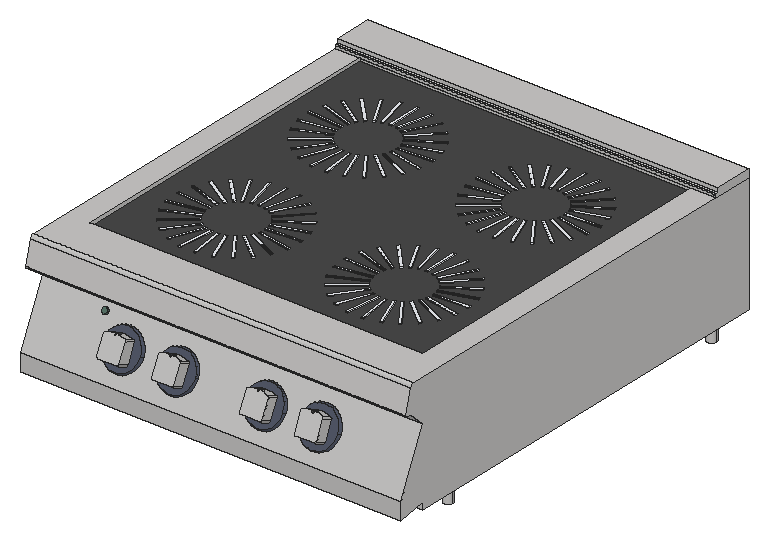
Revit family "QF_ZANUSSI_392045_Z9IREH4000", category Specialty Equipment, Revit 2018 (continued)
Definition of nested family "QF_392045_INDUCTION BURNER"
  Lines and regions (mm)
    symbolic lines
      curve 64: line (155.244, -184.679, 0) -> (150.595, -186.52, 0)
      curve 65: line (163.678, -180.043, 0) -> (206.771, -239.355, 0)
      curve 66: line (206.771, -239.355, 0) -> (210.816, -236.416, 0)
      curve 67: line (210.816, -236.416, 0) -> (167.723, -177.104, 0)
      curve 68: line (167.723, -177.104, 0) -> (163.678, -180.043, 0)
      curve 69: line (174.739, -170.515, 0) -> (231.229, -217.248, 0)
      curve 70: line (231.229, -217.248, 0) -> (234.416, -213.395, 0)
      curve 71: line (234.416, -213.395, 0) -> (177.926, -166.663, 0)
      curve 72: line (177.926, -166.663, 0) -> (174.739, -170.515, 0)
      curve 73: line (183.084, -158.536, 0) -> (249.42, -189.752, 0)
      curve 74: line (249.42, -189.752, 0) -> (251.549, -185.228, 0)
      curve 75: line (251.549, -185.228, 0) -> (185.212, -154.012, 0)
      curve 76: line (185.212, -154.012, 0) -> (183.084, -158.536, 0)
      curve 77: line (188.187, -144.859, 0) -> (260.202, -158.596, 0)
      curve 78: line (260.202, -158.596, 0) -> (261.139, -153.685, 0)
      curve 79: line (261.139, -153.685, 0) -> (189.124, -139.947, 0)
      curve 80: line (189.124, -139.947, 0) -> (188.187, -144.859, 0)
      curve 81: line (189.728, -130.342, 0) -> (262.897, -125.738, 0)
      curve 82: line (262.897, -125.738, 0) -> (262.584, -120.748, 0)
      curve 83: line (262.584, -120.748, 0) -> (189.414, -125.351, 0)
      curve 84: line (189.414, -125.351, 0) -> (189.728, -130.342, 0)
      curve 85: line (187.61, -115.897, 0) -> (257.336, -93.242, 0)
      curve 86: line (257.336, -93.242, 0) -> (255.791, -88.487, 0)
      curve 87: line (255.791, -88.487, 0) -> (186.065, -111.142, 0)
      curve 88: line (186.065, -111.142, 0) -> (187.61, -115.897, 0)
      curve 89: line (181.967, -102.433, 0) -> (243.869, -63.15, 0)
      curve 90: line (243.869, -63.15, 0) -> (241.19, -58.928, 0)
      curve 91: line (241.19, -58.928, 0) -> (179.288, -98.212, 0)
      curve 92: line (179.288, -98.212, 0) -> (181.967, -102.433, 0)
      curve 93: line (173.153, -90.796, 0) -> (223.34, -37.352, 0)
      curve 94: line (223.34, -37.352, 0) -> (219.696, -33.929, 0)
      curve 95: line (219.696, -33.929, 0) -> (169.508, -87.373, 0)
      curve 96: line (169.508, -87.373, 0) -> (173.153, -90.796, 0)
      curve 97: line (161.722, -81.716, 0) -> (197.041, -17.47, 0)
      curve 98: line (197.041, -17.47, 0) -> (192.66, -15.061, 0)
      curve 99: line (192.66, -15.061, 0) -> (157.34, -79.307, 0)
      curve 100: line (157.34, -79.307, 0) -> (161.722, -81.716, 0)
  Dimensions and locks
    equal spacing: plane 3 "LEFT", plane 7 "Center Y", plane 4 "RIGHT"
    plane 3 "LEFT" to plane 4 "RIGHT" = 263 mm
    equal spacing: plane 5 "FRONT", plane 8 "Center X", plane 1 "BACK"
    plane 5 "FRONT" to plane 1 "BACK" = 263 mm
    plane 6 "TOP" to level = 0.794 mm
    aligned and locked: level to plane 2
  Automatic sketch dimensions
    plane 1 "BACK" to curve 1 = 0 mm
    plane 3 "LEFT" to curve 31 = 0.103 mm
    plane 3 "LEFT" to curve 33 = 1.861 mm
    plane 3 "LEFT" to curve 26 = 5.664 mm
    plane 3 "LEFT" to curve 38 = 11.451 mm
    curve 37 to curve 39 = 2.129 mm
    plane 3 "LEFT" to curve 22 = 19.131 mm
    curve 38 to curve 42 = 15.004 mm
    curve 21 to curve 18 = 17.849 mm
    plane 1 "BACK" to curve 14 = 15.061 mm
    curve 14 to curve 14 = 4.382 mm
    plane 8 "Center X" to curve 32 = 1.158 mm
    curve 32 to curve 29 = 0.314 mm
    curve 31 to curve 36 = 0.604 mm
    curve 33 to plane 8 "Center X" = 8.447 mm
    curve 33 to curve 35 = 0.937 mm
    curve 29 to curve 28 = 1.803 mm
    plane 8 "Center X" to curve 27 = 15.603 mm
    curve 27 to curve 25 = 1.545 mm
    curve 36 to curve 40 = 2.974 mm
    curve 37 to plane 8 "Center X" = 22.512 mm
    curve 25 to curve 23 = 4.098 mm
    curve 23 to curve 21 = 2.679 mm
    curve 39 to curve 41 = 5.157 mm
    curve 49 to curve 51 = 4.649 mm
    curve 50 to plane 5 "FRONT" = 8.314 mm
    curve 41 to curve 44 = 3.187 mm
    curve 21 to curve 19 = 6.135 mm
    curve 19 to curve 17 = 3.645 mm
    curve 43 to curve 45 = 7.016 mm
    curve 45 to curve 47 = 4.045 mm
    curve 10 to curve 9 = 4.843 mm
    plane 1 "BACK" to curve 10 = 3.51 mm
    curve 17 to curve 16 = 7.786 mm
    curve 47 to curve 49 = 8.434 mm
    curve 13 to curve 11 = 8.949 mm
    curve 54 to plane 5 "FRONT" = 0.724 mm
    curve 53 to curve 54 = 4.961 mm
    curve 56 to plane 7 "Center Y" = 4.812 mm
    curve 2 to plane 7 "Center Y" = 2.5 mm
    plane 7 "Center Y" to curve 1 = 2.5 mm
    plane 7 "Center Y" to curve 57 = 4.812 mm
    plane 7 "Center Y" to curve 58 = 14.001 mm
    curve 57 to plane 5 "FRONT" = 0.724 mm
    curve 58 to curve 58 = 4.961 mm
    curve 59 to curve 64 = 9.322 mm
    curve 61 to curve 64 = 4.649 mm
    curve 5 to curve 100 = 8.949 mm
    plane 1 "BACK" to curve 6 = 3.51 mm
    curve 63 to curve 65 = 8.434 mm
    curve 6 to curve 6 = 4.843 mm
    curve 65 to curve 67 = 4.045 mm
    curve 97 to curve 96 = 7.786 mm
    curve 95 to curve 96 = 3.645 mm
    curve 67 to curve 72 = 7.016 mm
    curve 62 to plane 5 "FRONT" = 8.314 mm
    curve 69 to curve 71 = 3.187 mm
    curve 93 to curve 92 = 6.135 mm
    curve 71 to curve 76 = 5.157 mm
    curve 73 to curve 76 = 2.129 mm
    curve 75 to plane 8 "Center X" = 22.512 mm
    curve 89 to curve 88 = 4.098 mm
    plane 8 "Center X" to curve 88 = 15.603 mm
    curve 75 to curve 77 = 2.974 mm
    curve 79 to plane 8 "Center X" = 8.447 mm
    curve 77 to curve 79 = 0.937 mm
    curve 85 to curve 84 = 1.803 mm
    plane 8 "Center X" to curve 84 = 1.158 mm
    curve 83 to curve 84 = 0.314 mm
    plane 1 "BACK" to curve 98 = 15.061 mm
    curve 98 to curve 98 = 4.382 mm
    curve 66 to curve 70 = 20.413 mm
    curve 91 to plane 4 "RIGHT" = 21.81 mm
    curve 90 to curve 90 = 2.679 mm
    curve 74 to plane 4 "RIGHT" = 13.58 mm
    curve 86 to plane 4 "RIGHT" = 7.209 mm
    curve 86 to curve 86 = 1.545 mm
    curve 79 to plane 4 "RIGHT" = 1.861 mm
    curve 82 to plane 4 "RIGHT" = 0.103 mm
    curve 46 to curve 46 = 2.939 mm
    curve 45 to curve 42 = 19.169 mm
    curve 66 to curve 70 = 19.169 mm
    curve 69 to curve 71 = 3.853 mm
    curve 56 to curve 60 = 0 mm
    curve 55 to curve 53 = 0.627 mm
    curve 57 to curve 59 = 0.627 mm
    curve 53 to curve 52 = 2.394 mm
    curve 59 to curve 61 = 2.394 mm
    curve 73 to curve 75 = 4.524 mm
    curve 51 to curve 49 = 1.841 mm
    curve 61 to curve 63 = 1.841 mm
    curve 49 to curve 48 = 4.637 mm
    curve 63 to curve 65 = 4.637 mm
    curve 65 to curve 67 = 2.939 mm
    curve 67 to curve 72 = 6.589 mm
    curve 45 to curve 44 = 6.589 mm
    curve 43 to curve 44 = 3.853 mm
    curve 39 to curve 37 = 4.524 mm
    curve 77 to curve 78 = 4.911 mm
    curve 34 to curve 33 = 4.911 mm
    plane 8 "Center X" to curve 31 = 5.762 mm
    plane 8 "Center X" to curve 81 = 5.762 mm
    curve 30 to curve 30 = 4.99 mm
    curve 81 to curve 83 = 4.99 mm
    curve 87 to curve 89 = 8.709 mm
    curve 25 to curve 23 = 8.709 mm
    curve 23 to curve 21 = 4.222 mm
    curve 91 to curve 96 = 7.416 mm
    curve 21 to curve 20 = 7.416 mm
    curve 26 to curve 26 = 4.755 mm
    curve 86 to curve 86 = 4.755 mm
    curve 19 to curve 20 = 3.423 mm
    curve 93 to curve 95 = 3.423 mm
    curve 17 to curve 16 = 5.657 mm
    curve 95 to curve 97 = 5.657 mm
    curve 16 to curve 13 = 2.409 mm
    curve 97 to curve 100 = 2.409 mm
    curve 99 to curve 8 = 3.543 mm
    curve 13 to curve 11 = 3.543 mm
    curve 5 to curve 8 = 1.243 mm
    curve 11 to curve 12 = 1.243 mm
    curve 9 to curve 3 = 1.206 mm
    curve 90 to curve 91 = 4.222 mm
    curve 91 to curve 94 = 21.576 mm
    plane 1 "BACK" to Extrusion 1 sketch curve = 0 mm
    plane 3 "LEFT" to Extrusion 1 sketch curve = 0.103 mm
    plane 3 "LEFT" to Extrusion 1 sketch curve = 0.416 mm
    plane 3 "LEFT" to Extrusion 1 sketch curve = 1.861 mm
    plane 3 "LEFT" to Extrusion 1 sketch curve = 2.798 mm
    plane 3 "LEFT" to Extrusion 1 sketch curve = 5.664 mm
    Extrusion 1 sketch curve to Extrusion 1 sketch curve = 1.545 mm  (x2)
    plane 3 "LEFT" to Extrusion 1 sketch curve = 11.451 mm
    Extrusion 1 sketch curve to Extrusion 1 sketch curve = 2.129 mm  (x2)
    plane 3 "LEFT" to Extrusion 1 sketch curve = 19.131 mm
    Extrusion 1 sketch curve to Extrusion 1 sketch curve = 2.679 mm  (x2)
    Extrusion 1 sketch curve to Extrusion 1 sketch curve = 15.004 mm
    Extrusion 1 sketch curve to Extrusion 1 sketch curve = 3.187 mm  (x2)
    Extrusion 1 sketch curve to Extrusion 1 sketch curve = 17.849 mm
    plane 1 "BACK" to Extrusion 1 sketch curve = 33.929 mm
    Extrusion 1 sketch curve to Extrusion 1 sketch curve = 3.645 mm  (x2)
    Extrusion 1 sketch curve to Extrusion 1 sketch curve = 20.413 mm  (x2)
    Extrusion 1 sketch curve to plane 5 "FRONT" = 23.645 mm  (x2)
    Extrusion 1 sketch curve to Extrusion 1 sketch curve = 4.045 mm  (x2)
    Extrusion 1 sketch curve to Extrusion 1 sketch curve = 22.654 mm  (x2)
    plane 1 "BACK" to Extrusion 1 sketch curve = 15.061 mm  (x2)
    Extrusion 1 sketch curve to Extrusion 1 sketch curve = 4.382 mm  (x2)
    plane 8 "Center X" to Extrusion 1 sketch curve = 1.158 mm  (x2)
    Extrusion 1 sketch curve to plane 7 "Center Y" = 58.228 mm
    Extrusion 1 sketch curve to plane 8 "Center X" = 8.447 mm  (x2)
    Extrusion 1 sketch curve to Extrusion 1 sketch curve = 0.604 mm
    plane 8 "Center X" to Extrusion 1 sketch curve = 15.603 mm  (x2)
    Extrusion 1 sketch curve to Extrusion 1 sketch curve = 1.803 mm  (x2)
    Extrusion 1 sketch curve to plane 8 "Center X" = 22.512 mm  (x2)
    Extrusion 1 sketch curve to Extrusion 1 sketch curve = 2.974 mm  (x2)
    Extrusion 1 sketch curve to plane 5 "FRONT" = 10.155 mm
    Extrusion 1 sketch curve to Extrusion 1 sketch curve = 24.538 mm  (x2)
    Extrusion 1 sketch curve to Extrusion 1 sketch curve = 4.098 mm  (x2)
    Extrusion 1 sketch curve to Extrusion 1 sketch curve = 5.157 mm  (x2)
    Extrusion 1 sketch curve to plane 5 "FRONT" = 8.314 mm  (x2)
    Extrusion 1 sketch curve to Extrusion 1 sketch curve = 4.649 mm  (x2)
    Extrusion 1 sketch curve to Extrusion 1 sketch curve = 6.135 mm  (x2)
    Extrusion 1 sketch curve to Extrusion 1 sketch curve = 7.016 mm  (x2)
    plane 1 "BACK" to Extrusion 1 sketch curve = 4.753 mm
    Extrusion 1 sketch curve to Extrusion 1 sketch curve = 26.036 mm  (x2)
    plane 1 "BACK" to Extrusion 1 sketch curve = 3.51 mm  (x2)
    Extrusion 1 sketch curve to Extrusion 1 sketch curve = 4.843 mm  (x2)
    Extrusion 1 sketch curve to Extrusion 1 sketch curve = 7.786 mm  (x2)
    Extrusion 1 sketch curve to Extrusion 1 sketch curve = 8.434 mm  (x2)
    Extrusion 1 sketch curve to plane 5 "FRONT" = 1.35 mm
    Extrusion 1 sketch curve to plane 7 "Center Y" = 18.962 mm
    Extrusion 1 sketch curve to Extrusion 1 sketch curve = 8.949 mm  (x2)
    Extrusion 1 sketch curve to plane 5 "FRONT" = 0.724 mm  (x2)
    Extrusion 1 sketch curve to Extrusion 1 sketch curve = 4.961 mm  (x2)
    Extrusion 1 sketch curve to Extrusion 1 sketch curve = 9.322 mm  (x2)
    Extrusion 1 sketch curve to plane 7 "Center Y" = 2.5 mm
    plane 7 "Center Y" to Extrusion 1 sketch curve = 2.5 mm
    plane 7 "Center Y" to Extrusion 1 sketch curve = 4.812 mm
    Extrusion 1 sketch curve to Extrusion 1 sketch curve = 9.549 mm
    plane 7 "Center Y" to Extrusion 1 sketch curve = 14.001 mm
    Extrusion 1 sketch curve to Extrusion 1 sketch curve = 27.781 mm
    Extrusion 1 sketch curve to Extrusion 1 sketch curve = 27.122 mm
    plane 8 "Center X" to Extrusion 1 sketch curve = 29.067 mm
    plane 8 "Center X" to Extrusion 1 sketch curve = 20.358 mm
    Extrusion 1 sketch curve to plane 8 "Center X" = 13.359 mm
    Extrusion 1 sketch curve to Extrusion 1 sketch curve = 0.937 mm
    plane 8 "Center X" to Extrusion 1 sketch curve = 6.149 mm
    Extrusion 1 sketch curve to Extrusion 1 sketch curve = 0.314 mm
    Extrusion 1 sketch curve to plane 4 "RIGHT" = 21.81 mm
    Extrusion 1 sketch curve to plane 4 "RIGHT" = 13.58 mm
    Extrusion 1 sketch curve to plane 4 "RIGHT" = 7.209 mm
    Extrusion 1 sketch curve to plane 4 "RIGHT" = 2.798 mm
    Extrusion 1 sketch curve to plane 4 "RIGHT" = 0.416 mm
    Extrusion 1 sketch curve to Extrusion 1 sketch curve = 0.627 mm
    Extrusion 1 sketch curve to Extrusion 1 sketch curve = 1.841 mm
    Extrusion 1 sketch curve to Extrusion 1 sketch curve = 2.939 mm  (x2)
    Extrusion 1 sketch curve to Extrusion 1 sketch curve = 19.169 mm  (x2)
    Extrusion 1 sketch curve to Extrusion 1 sketch curve = 3.853 mm  (x2)
    Extrusion 1 sketch curve to Extrusion 1 sketch curve = 23.643 mm  (x2)
    Extrusion 1 sketch curve to plane 8 "Center X" = 27.096 mm
    plane 8 "Center X" to Extrusion 1 sketch curve = 5.762 mm
    Extrusion 1 sketch curve to Extrusion 1 sketch curve = 4.755 mm
    Extrusion 1 sketch curve to Extrusion 1 sketch curve = 8.709 mm
    Extrusion 1 sketch curve to Extrusion 1 sketch curve = 4.222 mm  (x2)
    Extrusion 1 sketch curve to Extrusion 1 sketch curve = 7.416 mm  (x2)
    Extrusion 1 sketch curve to Extrusion 1 sketch curve = 3.423 mm
    Extrusion 1 sketch curve to Extrusion 1 sketch curve = 5.657 mm  (x2)
    Extrusion 1 sketch curve to Extrusion 1 sketch curve = 3.543 mm
    Extrusion 1 sketch curve to Extrusion 1 sketch curve = 1.206 mm
